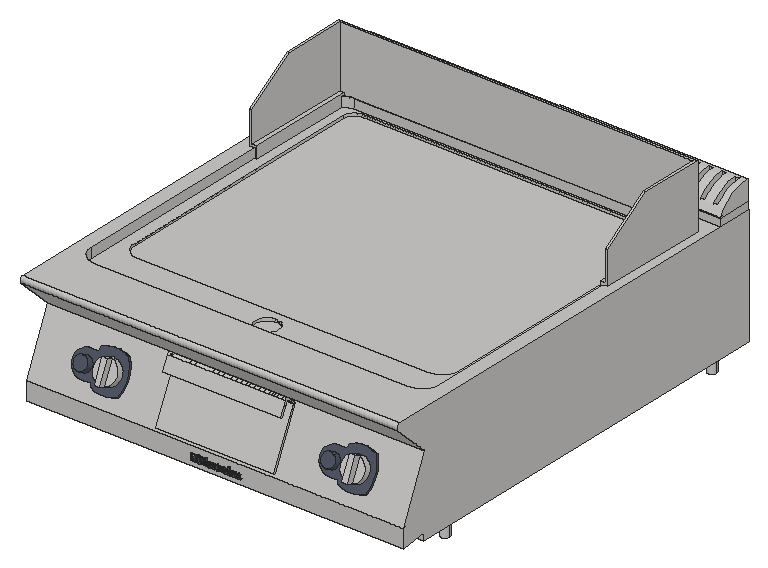
Revit family "QF_ELECTROLUXPROFESSIONAL_391403_E9IIMAAOMEA", category Specialty Equipment, Revit 2018
Family settings
  Round Connector Dimension = Use Diameter
  Part Type = Normal
  Work Plane-Based = No
  Always vertical = Yes
  Cut with Voids When Loaded = No
  Shared = No
  Room Calculation Point = No
Parameters
  Width = 800 mm  # constant formula
  Weight in Pounds = 105  # constant formula
  Watts = 0 W
  URL Cutsheet = "www.electrolux.com/foodservice"
  URL = "www.electrolux.com/foodservice"
  Type Mark [instance] = ""
  Status [instance] = ""
  Specification by User [instance] = ""
  Specification by Manufacturer = ""
  Show Logo [instance] = yes
  Show Clearance [instance] = yes
  Serial Number = ""
  Seismic Rating = ""
  SMACNA No = ""
  Revision Code [instance] = ""
  Omniclass Number and Title = ""
  NAFEM Spec ID Number = ""
  Model = "391051"
  Mechanical Remarks [instance] = ""
  Mechanical Connection Type [instance] = ""
  Masterspec = ""
  Manufacturer = "ELECTROLUX"
  Item Number [instance] = ""
  Installed By [instance] = ""
  Identify Quantity as Lot [instance] = yes
  Height = 410 mm  # constant formula
  HP = "0 HP"
  Gas Size = 1/2"
  Gas RI Height [instance] = 0 mm
  Gas KW [instance] = 20
  Gas Input [instance] = 68180.0 Btu/h
  Gas Connection Height = 0 mm
  Furnished By [instance] = ""
  Foodservice Equipment Identifier [instance] = yes
  Direct Waste Size = 0"
  Description = "900XP FULL MODULE GAS FRY TOP, 2/3 SMOOTH - 1/3 RIBBED SLOPED PLATE,MILD STEEL"
  Depth = 930 mm  # constant formula
  CSI MasterFormat = ""
  CSI Master Format = ""
  Base Height [instance] = 24 mm  # constant formula
Reference planes
  plane 1 "BACK": y = 0
  plane 2: z = 0
  plane 3 "LEFT": x = 0
  plane 4 "RIGHT": x = 800
  plane 5 "FRONT": y = -930
  plane 6 "TOP": z = 410
  plane 7 "Center Y": x = 400
  plane 8 "Center X": y = -465
  plane 9 "BASE": z = 24
  plane 10: y = -790
  plane 11: y = -82
  plane 12: x = 348
  plane 13: y = -1045
  plane 14: z = 275
  plane 15: y = -664
  plane 16: y = -346.873
Forms (mm)
  Extrusion 1, solid, material "QF_Clearances", visible <- "Show Clearance", detail levels coarse
    sketch origin (0, 0, 0) x (1, 0, 0) y (0, 1, 0)
      loop
        line (0, -930) -> (0, 0) -> (800.05, 0) -> (800.05, -930) -> (900.069, -930) -> (900.069, 100.019) -> (-100.019, 100.019) -> (-100.019, -930) -> (0, -930)
    from 0 to 410
  Extrusion 2, solid, material "QF_Finishes_Stainless Steel"
    sketch origin (0, 0, 0) x (0, 1, 0) y (0, 0, 1)
      loop
        line (0, 275) -> (-923.497, 275)
        arc (-923.497, 275) -> (-929.729, 270.836) -> (-928.267, 263.485) r 6.745
        line (-928.267, 263.485) -> (-856.416, 192.634) -> (-913.772, 70.59) -> (-913.772, 32.49) -> (-859.4, 38.1) -> (-859.4, 24) -> (0, 24) -> (0, 275)
    from 0 to 800
  Extrusion 3, void
    sketch origin (0, -202.381, 275.4) x (-1, 0, 0) y (0, -1, 0)
      loop
        arc (-55.4, -88.381) -> (-37.439, -80.942) -> (-30, -62.981) r 25.4
        line (-30, -62.981) -> (-30, 578.98)
        arc (-30, 578.98) -> (-40.99, 605.513) -> (-67.523, 616.504) r 37.523
        line (-67.523, 616.504) -> (-732.477, 616.504)
        arc (-732.477, 616.504) -> (-759.01, 605.513) -> (-770, 578.98) r 37.523
        line (-770, 578.98) -> (-770, -62.981)
        arc (-770, -62.981) -> (-762.561, -80.942) -> (-744.6, -88.381) r 25.4
        line (-744.6, -88.381) -> (-55.4, -88.381)
    from 0 to -20
  Extrusion 4, solid, material "QF_Finishes_Stainless Steel"
    sketch origin (0, -200, 0) x (1, 0, 0) y (0, 1, 0)
      loop
        circle (11.112, 118) r 9.525
      loop
        circle (11.112, -590) r 9.525
      loop
        circle (788.887, 118) r 9.525
      loop
        circle (788.888, -590) r 9.525
    from 0 to 24
  Extrusion 5, solid, material "QF_Finishes_Navy Blue - Electrolux", visible <- "Show Logo"
    sketch origin (0, -913.772, 32.49) x (0, 0, 1) y (-1, 0, 0)
      loop
        line (24.036, -359.438) -> (11.67, -359.438)
        arc (11.67, -359.438) -> (17.853, -364.009) -> (24.036, -359.438) r 6.467
      loop
        arc (24.036, -358.809) -> (22.867, -353.666) -> (18.212, -351.188) r 6.338
        line (18.212, -351.188) -> (18.212, -353.234)
        arc (18.212, -353.234) -> (19.695, -356.889) -> (23.141, -358.809) r 5.941
        line (23.141, -358.809) -> (24.036, -358.809)
      loop
        arc (12.565, -358.809) -> (16.011, -356.889) -> (17.495, -353.234) r 5.941
        line (17.495, -353.234) -> (17.495, -351.188)
        arc (17.495, -351.188) -> (12.8, -353.662) -> (11.511, -358.809) r 6.504
        line (11.511, -358.809) -> (12.565, -358.809)
      loop
        line (24.711, -350.719) -> (10.967, -350.719) -> (10.967, -364.482) -> (24.711, -364.482) -> (24.711, -350.719)
      loop
        arc (24.795, -367.449) -> (24.447, -367.092) -> (24.08, -367.43) r 0.358
        arc (24.08, -367.43) -> (23.766, -368.18) -> (23.049, -368.565) r 1.216
        line (23.049, -368.565) -> (12.637, -368.565)
        arc (12.637, -368.565) -> (11.977, -368.287) -> (11.581, -367.691) r 1.238
        arc (11.581, -367.691) -> (11.186, -367.44) -> (10.88, -367.794) r 0.358
        line (10.88, -367.794) -> (10.88, -377.673) -> (13.631, -377.673) -> (13.631, -376.776)
        arc (13.631, -376.776) -> (12.722, -376.196) -> (12.267, -375.219) r 1.928
        line (12.267, -375.219) -> (12.267, -372.719)
        arc (12.267, -372.719) -> (12.542, -371.991) -> (13.231, -371.627) r 1.101
        line (13.231, -371.627) -> (17.317, -371.627) -> (17.317, -375.3)
        arc (17.317, -375.3) -> (16.965, -375.797) -> (16.399, -376.025) r 1.083
        arc (16.399, -376.025) -> (16.136, -376.331) -> (16.428, -376.609) r 0.292
        line (16.428, -376.609) -> (19.39, -376.609)
        arc (19.39, -376.609) -> (19.693, -376.336) -> (19.454, -376.006) r 0.305
        arc (19.454, -376.006) -> (18.964, -375.758) -> (18.659, -375.3) r 1.083
        line (18.659, -375.3) -> (18.659, -371.627) -> (23.336, -371.627) -> (23.336, -375.374)
        arc (23.336, -375.374) -> (23.122, -376.13) -> (22.515, -376.628) r 1.314
        arc (22.515, -376.628) -> (22.296, -377.032) -> (22.651, -377.324) r 0.361
        line (22.651, -377.324) -> (24.795, -377.324) -> (24.795, -367.449)
      loop
        arc (24.078, -378.105) -> (23.697, -379.023) -> (22.779, -379.404) r 1.299
        line (22.779, -379.404) -> (13.2, -379.404)
        arc (13.2, -379.404) -> (12.362, -379.026) -> (12.09, -378.148) r 1.118
        line (12.09, -378.148) -> (10.88, -378.148) -> (10.88, -383.498) -> (12.069, -383.498)
        arc (12.069, -383.498) -> (12.34, -382.581) -> (13.21, -382.185) r 1.153
        line (13.21, -382.185) -> (25.283, -382.185) -> (24.078, -378.105)
      loop
        line (15.845, -386.134) -> (15.845, -392.581) -> (16.644, -392.581)
        arc (16.644, -392.581) -> (19.225, -391.597) -> (20.493, -389.143) r 3.874
        line (20.493, -389.143) -> (20.493, -387.383)
        arc (20.493, -387.383) -> (19.307, -384.518) -> (16.442, -383.332) r 4.051
        line (16.442, -383.332) -> (14.434, -383.332)
        arc (14.434, -383.332) -> (11.616, -384.816) -> (10.564, -387.824) r 4.352
        arc (10.564, -387.824) -> (10.928, -390.287) -> (12.306, -392.361) r 5.713
        line (12.306, -392.361) -> (13.255, -392.361)
        arc (13.255, -392.361) -> (12.522, -390.792) -> (12.306, -389.074) r 5.579
        arc (12.306, -389.074) -> (13.1, -387.111) -> (14.979, -386.134) r 3.057
        line (14.979, -386.134) -> (15.845, -386.134)
      loop
        line (17.104, -386.134) -> (17.104, -389.716)
        arc (17.104, -389.716) -> (18.561, -389.763) -> (19.444, -388.604) r 1.59
        line (19.444, -388.604) -> (19.444, -387.774)
        arc (19.444, -387.774) -> (18.58, -386.519) -> (17.104, -386.134) r 2.184
      loop
        arc (19.895, -401.999) -> (20.384, -400.325) -> (20.542, -398.588) r 9.023
        line (20.542, -398.588) -> (20.542, -397.225)
        arc (20.542, -397.225) -> (19.382, -394.426) -> (16.583, -393.266) r 3.959
        line (16.583, -393.266) -> (13.982, -393.266)
        arc (13.982, -393.266) -> (11.701, -394.559) -> (10.583, -396.932) r 4.331
        line (10.583, -396.932) -> (10.583, -399.067)
        arc (10.583, -399.067) -> (11.092, -400.617) -> (12.013, -401.963) r 5.772
        arc (12.013, -401.963) -> (12.775, -402.014) -> (12.861, -401.255) r 0.553
        arc (12.861, -401.255) -> (12.474, -400.521) -> (12.34, -399.702) r 2.573
        line (12.34, -399.702) -> (12.34, -398.187)
        arc (12.34, -398.187) -> (13.346, -396.545) -> (15.16, -395.903) r 2.884
        line (15.16, -395.903) -> (16.439, -395.903)
        arc (16.439, -395.903) -> (18.26, -396.463) -> (19.187, -398.128) r 2.554
        line (19.187, -398.128) -> (19.187, -399.181)
        arc (19.187, -399.181) -> (18.855, -400.109) -> (18.198, -400.844) r 2.564
        arc (18.198, -400.844) -> (17.977, -401.561) -> (18.586, -401.999) r 0.643
        line (18.586, -401.999) -> (19.895, -401.999)
      loop
        line (18.877, -402.269) -> (18.877, -403.77) -> (12.829, -403.77)
        arc (12.829, -403.77) -> (11.241, -404.428) -> (10.583, -406.016) r 2.246
        line (10.583, -406.016) -> (10.583, -407.6)
        arc (10.583, -407.6) -> (10.897, -408.464) -> (11.398, -409.236) r 4.06
        arc (11.398, -409.236) -> (12.13, -409.369) -> (12.382, -408.668) r 0.576
        arc (12.382, -408.668) -> (12.276, -408.142) -> (12.34, -407.61) r 1.69
        arc (12.34, -407.61) -> (12.881, -406.822) -> (13.788, -406.519) r 1.506
        line (13.788, -406.519) -> (18.926, -406.519) -> (18.926, -408.916) -> (19.482, -409.472) -> (20.304, -409.472) -> (20.304, -406.612) -> (23.535, -406.612) -> (18.877, -402.269)
      loop
        line (10.801, -410.37) -> (10.801, -415.757) -> (11.911, -415.757)
        arc (11.911, -415.757) -> (12.305, -414.806) -> (13.256, -414.412) r 1.345
        line (13.256, -414.412) -> (16.872, -414.412)
        arc (16.872, -414.412) -> (17.637, -415.003) -> (17.926, -415.926) r 1.615
        line (17.926, -415.926) -> (17.926, -417.482) -> (20.482, -418.167) -> (20.482, -416.784) -> (18.539, -414.225) -> (20.42, -414.225) -> (20.135, -411.519)
        arc (20.135, -411.519) -> (19.696, -410.989) -> (19.037, -411.19) r 0.621
        arc (19.037, -411.19) -> (18.636, -411.532) -> (18.142, -411.715) r 1.501
        line (18.142, -411.715) -> (13.256, -411.715)
        arc (13.256, -411.715) -> (12.305, -411.321) -> (11.911, -410.37) r 1.345
        line (11.911, -410.37) -> (10.801, -410.37)
      loop
        line (16.903, -417.704) -> (14.21, -417.704)
        arc (14.21, -417.704) -> (11.765, -419.012) -> (10.631, -421.542) r 4.288
        arc (10.631, -421.542) -> (10.568, -422.923) -> (10.631, -424.303) r 15.022
        arc (10.631, -424.303) -> (11.765, -426.833) -> (14.21, -428.141) r 4.288
        line (14.21, -428.141) -> (16.903, -428.141)
        arc (16.903, -428.141) -> (19.348, -426.833) -> (20.482, -424.303) r 4.288
        arc (20.482, -424.303) -> (20.546, -422.923) -> (20.482, -421.542) r 15.022
        arc (20.482, -421.542) -> (19.348, -419.012) -> (16.903, -417.704) r 4.288
      loop
        line (17.107, -420.818) -> (14.006, -420.818)
        arc (14.006, -420.818) -> (11.849, -422.975) -> (14.006, -425.132) r 2.157
        line (14.006, -425.132) -> (17.107, -425.132)
        arc (17.107, -425.132) -> (19.264, -422.975) -> (17.107, -420.818) r 2.157
      loop
        arc (24.088, -427.999) -> (23.718, -428.893) -> (22.824, -429.264) r 1.264
        line (22.824, -429.264) -> (12.959, -429.264)
        arc (12.959, -429.264) -> (12.089, -428.867) -> (11.818, -427.951) r 1.153
        line (11.818, -427.951) -> (10.88, -427.951) -> (10.88, -433.059) -> (11.809, -433.059)
        arc (11.809, -433.059) -> (12.168, -432.287) -> (12.959, -431.972) r 1.153
        line (12.959, -431.972) -> (25.283, -431.972) -> (24.088, -427.999)
      loop
        arc (19.208, -432.596) -> (19.009, -433.661) -> (18.04, -434.143) r 1.215
        line (18.04, -434.143) -> (13.02, -434.143)
        arc (13.02, -434.143) -> (11.406, -434.79) -> (10.685, -436.373) r 2.338
        line (10.685, -436.373) -> (10.685, -437.888)
        arc (10.685, -437.888) -> (10.859, -438.892) -> (11.362, -439.778) r 2.979
        line (11.362, -439.778) -> (10.88, -441.574) -> (10.88, -443.263) -> (20.306, -443.263) -> (20.012, -439.06) -> (19.225, -439.06)
        arc (19.225, -439.06) -> (18.87, -439.896) -> (18.117, -440.405) r 1.605
        line (18.117, -440.405) -> (13.015, -440.405)
        arc (13.015, -440.405) -> (12.594, -439.468) -> (12.522, -438.444) r 2.94
        arc (12.522, -438.444) -> (13.082, -437.343) -> (14.236, -436.9) r 1.724
        line (14.236, -436.9) -> (20.432, -436.9) -> (19.208, -432.596)
      loop
        line (20.237, -444.117) -> (18.564, -446.163) -> (15.391, -448.469) -> (11.934, -445.357)
        arc (11.934, -445.357) -> (11.697, -444.963) -> (11.719, -444.504) r 0.789
        line (11.719, -444.504) -> (10.88, -444.504) -> (10.88, -448.049) -> (11.707, -448.049)
        arc (11.707, -448.049) -> (12.049, -447.687) -> (12.539, -447.779) r 0.52
        line (12.539, -447.779) -> (14.339, -449.25) -> (12.22, -450.625)
        arc (12.22, -450.625) -> (11.819, -450.315) -> (11.733, -449.816) r 0.7
        line (11.733, -449.816) -> (10.88, -449.816) -> (10.88, -455.743) -> (11.767, -455.743)
        arc (11.767, -455.743) -> (11.834, -455.084) -> (12.229, -454.552) r 1.247
        line (12.229, -454.552) -> (16.428, -451.271) -> (18.876, -453.325) -> (20.237, -455.067) -> (20.237, -451.343) -> (18.752, -451.766) -> (17.23, -450.489) -> (18.93, -449.299) -> (20.237, -450.075) -> (20.237, -444.117)
    from 0 to 1.644
  Extrusion 6, solid, material "QF_Finishes_Stainless Steel"
    sketch origin (400, 175.397, 1219.2) x (0, 1, 0) y (0, 0, 1)
      loop
        line (-1034.547, -1030.322) -> (-1050.635, -1014.234)
        arc (-1050.635, -1014.234) -> (-1055.102, -1012.832) -> (-1058.806, -1015.696) r 5.058
        line (-1058.806, -1015.696) -> (-1071.468, -1043.206) -> (-1068.584, -1044.534) -> (-1055.922, -1017.024)
        arc (-1055.922, -1017.024) -> (-1054.543, -1015.957) -> (-1052.88, -1016.479) r 1.883
        line (-1052.88, -1016.479) -> (-1038.037, -1031.322) -> (-1088.871, -1141.767) -> (-1086.511, -1142.854) -> (-1034.547, -1030.322)
    from -125 to 125
  Extrusion 7, solid, material "QF_Door-Drawer Clearances", visible <- "Show Clearance", detail levels coarse
    sketch origin (0, -301.6, 0) x (0, 1, 0) y (0, 0, 1)
      loop
        line (-576.323, 206.368) -> (-709.631, 206.368)
        arc (-709.631, 206.368) -> (-711.835, 205.39) -> (-713.335, 203.504) r 5.058
        line (-713.335, 203.504) -> (-725.997, 175.994) -> (-723.113, 174.666) -> (-710.451, 202.176)
        arc (-710.451, 202.176) -> (-709.072, 203.243) -> (-707.409, 202.721) r 1.883
        line (-707.409, 202.721) -> (-692.566, 187.878) -> (-743.4, 77.433) -> (-740.516, 76.105) -> (-609.625, 76.105) -> (-557.55, 188.878) -> (-573.638, 204.966)
        arc (-573.638, 204.966) -> (-574.873, 205.873) -> (-576.323, 206.368) r 5.058
    from 275 to 525
  Extrusion 8, solid, material "QF_Finishes_Stainless Steel"
    sketch origin (0, 0, 24) x (-1, 0, 0) y (0, 1, 0)
      loop
        circle (-748, -664) r 6.4
    from 0 to 18
  Extrusion 9, solid, material "QF_Finishes_Stainless Steel"
    sketch origin (0, 0, 0) x (0, -1, 0) y (0, 0, 1)
      loop
        line (74.012, 275) -> (74.012, 290) -> (0, 290) -> (0, 275) -> (74.012, 275)
    from 0 to -400.05
  Extrusion 10, solid, material "QF_Finishes_Stainless Steel"
    sketch origin (0, 0, 0) x (0, 1, 0) y (0, 0, 1)
      loop
        line (0, 290) -> (0, 332.913)
        arc (0, 332.913) -> (-42.275, 322.697) -> (-74.012, 292.959) r 85.267
        line (-74.012, 292.959) -> (-74.012, 290) -> (0, 290)
    from 0 to 400
  Extrusion 11, void
    sketch origin (0, 0, 273.238) x (-1, 0, 0) y (0, -1, 0)
      loop
        line (-13.453, 6.761) -> (-13.453, 62.911) -> (-22.749, 62.911) -> (-22.749, 6.761) -> (-13.453, 6.761)
    from 25.4 to 63.5
  Extrusion 12, void
    sketch origin (400.05, 0, 273.238) x (1, 0, 0) y (0, 1, 0)
      loop
        line (-13.503, -6.761) -> (-22.799, -6.761) -> (-22.799, -62.911) -> (-13.503, -62.911) -> (-13.503, -6.761)
    from 25.4 to 63.5
  Extrusion 13, void
    sketch origin (27.988, 0, 273.238) x (-1, 0, 0) y (0, -1, 0)
      loop
        line (-13.453, 6.761) -> (-13.453, 62.911) -> (-22.749, 62.911) -> (-22.749, 6.761) -> (-13.453, 6.761)
    from 25.4 to 63.5
  Extrusion 14, void
    sketch origin (55.977, 0, 273.238) x (-1, 0, 0) y (0, -1, 0)
      loop
        line (-13.453, 6.761) -> (-13.453, 62.911) -> (-22.749, 62.911) -> (-22.749, 6.761) -> (-13.453, 6.761)
    from 25.4 to 63.5
  Extrusion 15, void
    sketch origin (83.965, 0, 273.238) x (-1, 0, 0) y (0, -1, 0)
      loop
        line (-13.428, 6.761) -> (-13.428, 62.911) -> (-22.724, 62.911) -> (-22.724, 6.761) -> (-13.428, 6.761)
    from 25.4 to 63.5
  Extrusion 16, void
    sketch origin (111.953, 0, 273.238) x (-1, 0, 0) y (0, -1, 0)
      loop
        line (-13.428, 6.761) -> (-13.428, 62.911) -> (-22.724, 62.911) -> (-22.724, 6.761) -> (-13.428, 6.761)
    from 25.4 to 63.5
  Extrusion 17, void
    sketch origin (139.942, 0, 273.238) x (-1, 0, 0) y (0, -1, 0)
      loop
        line (-13.428, 6.761) -> (-13.428, 62.911) -> (-22.724, 62.911) -> (-22.724, 6.761) -> (-13.428, 6.761)
    from 25.4 to 63.5
  Extrusion 18, void
    sketch origin (167.93, 0, 273.238) x (-1, 0, 0) y (0, -1, 0)
      loop
        line (-13.428, 6.761) -> (-13.428, 62.911) -> (-22.724, 62.911) -> (-22.724, 6.761) -> (-13.428, 6.761)
    from 25.4 to 63.5
  Extrusion 19, void
    sketch origin (307.872, 0, 273.238) x (-1, 0, 0) y (0, -1, 0)
      loop
        line (-13.403, 6.761) -> (-13.403, 62.911) -> (-22.699, 62.911) -> (-22.699, 6.761) -> (-13.403, 6.761)
    from 25.4 to 63.5
  Extrusion 20, void
    sketch origin (335.86, 0, 273.238) x (-1, 0, 0) y (0, -1, 0)
      loop
        line (-13.403, 6.761) -> (-13.403, 62.911) -> (-22.699, 62.911) -> (-22.699, 6.761) -> (-13.403, 6.761)
    from 25.4 to 63.5
  Extrusion 21, void
    sketch origin (228.013, 0, 273.238) x (-1, 0, 0) y (0, -1, 0)
      loop
        line (-13.428, 6.761) -> (-13.428, 62.911) -> (-22.724, 62.911) -> (-22.724, 6.761) -> (-13.428, 6.761)
    from 25.4 to 63.5
  Extrusion 22, void
    sketch origin (256.002, 0, 273.238) x (-1, 0, 0) y (0, -1, 0)
      loop
        line (-13.428, 6.761) -> (-13.428, 62.911) -> (-22.724, 62.911) -> (-22.724, 6.761) -> (-13.428, 6.761)
    from 25.4 to 63.5
  Extrusion 23, void
    sketch origin (283.99, 0, 273.238) x (-1, 0, 0) y (0, -1, 0)
      loop
        line (-13.403, 6.761) -> (-13.403, 62.911) -> (-22.699, 62.911) -> (-22.699, 6.761) -> (-13.403, 6.761)
    from 25.4 to 63.5
  Extrusion 24, void
    sketch origin (200.025, 0, 273.238) x (-1, 0, 0) y (0, -1, 0)
      loop
        line (-13.428, 6.761) -> (-13.428, 62.911) -> (-22.724, 62.911) -> (-22.724, 6.761) -> (-13.428, 6.761)
    from 25.4 to 63.5
  Extrusion 25, void
    sketch origin (0, -202.381, 255.4) x (0, -1, 0) y (-1, 0, 0)
      loop
        arc (-57.619, -55) -> (-75.579, -62.439) -> (-83.019, -80.4) r 25.4
        line (-83.019, -80.4) -> (-83.019, -719.6)
        arc (-83.019, -719.6) -> (-75.579, -737.561) -> (-57.619, -745) r 25.4
        line (-57.619, -745) -> (493.98, -745)
        arc (493.98, -745) -> (520.513, -734.01) -> (531.504, -707.477) r 37.523
        line (531.504, -707.477) -> (531.504, -92.523)
        arc (531.504, -92.523) -> (520.513, -65.99) -> (493.98, -55) r 37.523
        line (493.98, -55) -> (-57.619, -55)
      loop
        circle (572.619, -400) r 25
    from 0 to 5
  Extrusion 26, void
    sketch origin (785, 0, 275) x (0, 0, -1) y (0, -1, 0)
      loop
        line (-70, 346.873) -> (-135, 346.873) -> (-135, 246.781) -> (-70, 346.873)
    from 0 to 12.7
  Extrusion 27, void
    sketch origin (25, 0, 292.959) x (0, 0, -1) y (0, -1, 0)
      loop
        line (-52.041, 346.873) -> (-117.041, 346.873) -> (-117.041, 246.781) -> (-52.041, 346.873)
    from 0 to 12.7
  Extrusion 28, solid, material "QF_Finishes_Stainless Steel"
    sketch origin (0, -110, 275) x (0, 0, -1) y (-1, 0, 0)
      loop
        line (-135, -20) -> (-135, -780) -> (0, -780) -> (0, -20) -> (-135, -20)
    from 0 to -5
  Extrusion 29, solid, material "QF_Finishes_Stainless Steel"
    sketch origin (800, 0, 0) x (0, -1, 0) y (0, 0, -1)
      loop
        line (74.012, -275) -> (0, -275) -> (0, -290) -> (74.012, -290) -> (74.012, -275)
    from 0 to -400.05
  Extrusion 30, solid, material "QF_Finishes_Stainless Steel"
    sketch origin (800, 0, 0) x (0, 1, 0) y (0, 0, -1)
      loop
        line (0, -290) -> (-74.012, -290) -> (-74.012, -292.959)
        arc (-74.012, -292.959) -> (-42.486, -323.301) -> (0, -333.762) r 84.334
        line (0, -333.762) -> (0, -290)
    from 0 to 400
  Extrusion 31, void
    sketch origin (800, 0, 273.238) x (1, 0, 0) y (0, 1, 0)
      loop
        line (-13.453, -6.761) -> (-22.749, -6.761) -> (-22.749, -62.911) -> (-13.453, -62.911) -> (-13.453, -6.761)
    from 25.4 to 63.5
  Extrusion 32, void
    sketch origin (399.95, 0, 273.238) x (-1, 0, 0) y (0, -1, 0)
      loop
        line (-13.503, 6.761) -> (-13.503, 62.911) -> (-22.799, 62.911) -> (-22.799, 6.761) -> (-13.503, 6.761)
    from 25.4 to 63.5
  Extrusion 33, void
    sketch origin (772.012, 0, 273.238) x (1, 0, 0) y (0, 1, 0)
      loop
        line (-13.453, -6.761) -> (-22.749, -6.761) -> (-22.749, -62.911) -> (-13.453, -62.911) -> (-13.453, -6.761)
    from 25.4 to 63.5
  Extrusion 34, void
    sketch origin (744.023, 0, 273.238) x (1, 0, 0) y (0, 1, 0)
      loop
        line (-13.453, -6.761) -> (-22.749, -6.761) -> (-22.749, -62.911) -> (-13.453, -62.911) -> (-13.453, -6.761)
    from 25.4 to 63.5
  Extrusion 35, void
    sketch origin (716.035, 0, 273.238) x (1, 0, 0) y (0, 1, 0)
      loop
        line (-13.428, -6.761) -> (-22.724, -6.761) -> (-22.724, -62.911) -> (-13.428, -62.911) -> (-13.428, -6.761)
    from 25.4 to 63.5
  Extrusion 36, void
    sketch origin (688.047, 0, 273.238) x (1, 0, 0) y (0, 1, 0)
      loop
        line (-13.428, -6.761) -> (-22.724, -6.761) -> (-22.724, -62.911) -> (-13.428, -62.911) -> (-13.428, -6.761)
    from 25.4 to 63.5
  Extrusion 37, void
    sketch origin (660.058, 0, 273.238) x (1, 0, 0) y (0, 1, 0)
      loop
        line (-13.428, -6.761) -> (-22.724, -6.761) -> (-22.724, -62.911) -> (-13.428, -62.911) -> (-13.428, -6.761)
    from 25.4 to 63.5
  Extrusion 38, void
    sketch origin (632.07, 0, 273.238) x (1, 0, 0) y (0, 1, 0)
      loop
        line (-13.428, -6.761) -> (-22.724, -6.761) -> (-22.724, -62.911) -> (-13.428, -62.911) -> (-13.428, -6.761)
    from 25.4 to 63.5
  Extrusion 39, void
    sketch origin (492.128, 0, 273.238) x (1, 0, 0) y (0, 1, 0)
      loop
        line (-13.403, -6.761) -> (-22.699, -6.761) -> (-22.699, -62.911) -> (-13.403, -62.911) -> (-13.403, -6.761)
    from 25.4 to 63.5
  Extrusion 40, void
    sketch origin (464.14, 0, 273.238) x (1, 0, 0) y (0, 1, 0)
      loop
        line (-13.403, -6.761) -> (-22.699, -6.761) -> (-22.699, -62.911) -> (-13.403, -62.911) -> (-13.403, -6.761)
    from 25.4 to 63.5
  Extrusion 41, void
    sketch origin (571.987, 0, 273.238) x (1, 0, 0) y (0, 1, 0)
      loop
        line (-13.428, -6.761) -> (-22.724, -6.761) -> (-22.724, -62.911) -> (-13.428, -62.911) -> (-13.428, -6.761)
    from 25.4 to 63.5
  Extrusion 42, void
    sketch origin (543.998, 0, 273.238) x (1, 0, 0) y (0, 1, 0)
      loop
        line (-13.428, -6.761) -> (-22.724, -6.761) -> (-22.724, -62.911) -> (-13.428, -62.911) -> (-13.428, -6.761)
    from 25.4 to 63.5
  Extrusion 43, void
    sketch origin (516.01, 0, 273.238) x (1, 0, 0) y (0, 1, 0)
      loop
        line (-13.403, -6.761) -> (-22.699, -6.761) -> (-22.699, -62.911) -> (-13.403, -62.911) -> (-13.403, -6.761)
    from 25.4 to 63.5
  Extrusion 44, void
    sketch origin (599.975, 0, 273.238) x (1, 0, 0) y (0, 1, 0)
      loop
        line (-13.428, -6.761) -> (-22.724, -6.761) -> (-22.724, -62.911) -> (-13.428, -62.911) -> (-13.428, -6.761)
    from 25.4 to 63.5
  Extrusion 45, solid, material "QF_Finishes_Navy Blue - Electrolux"
    sketch origin (520.456, -913.772, 69.19) x (0, 0.419232, 0.907879) y (-1, 0, 0)
      loop
        arc (102.26, -132.62) -> (97.637, -130.762) -> (92.92, -129.161) r 90.355
        arc (92.92, -129.161) -> (93.04, -117.639) -> (92.027, -106.161) r 117.12
        arc (92.027, -106.161) -> (66.337, -82.611) -> (38.409, -103.459) r 27.322
        arc (38.409, -103.459) -> (36.611, -116.6) -> (37.509, -129.833) r 65.199
        arc (37.509, -129.833) -> (34.4, -130.94) -> (31.333, -132.16) r 90.355
        arc (31.333, -132.16) -> (24.504, -161.269) -> (31.333, -190.378) r 65.456
        arc (31.333, -190.378) -> (66.877, -199.452) -> (102.26, -189.765) r 71.728
        arc (102.26, -189.765) -> (108.852, -161.193) -> (102.26, -132.62) r 65.22
      loop
        arc (102.26, 392.38) -> (97.637, 394.238) -> (92.92, 395.839) r 90.355
        arc (92.92, 395.839) -> (93.04, 407.361) -> (92.027, 418.839) r 117.12
        arc (92.027, 418.839) -> (66.337, 442.389) -> (38.409, 421.541) r 27.322
        arc (38.409, 421.541) -> (36.611, 408.4) -> (37.509, 395.167) r 65.199
        arc (37.509, 395.167) -> (34.4, 394.06) -> (31.333, 392.84) r 90.355
        arc (31.333, 392.84) -> (24.504, 363.731) -> (31.333, 334.622) r 65.456
        arc (31.333, 334.622) -> (66.877, 325.548) -> (102.26, 335.235) r 71.728
        arc (102.26, 335.235) -> (108.852, 363.807) -> (102.26, 392.38) r 65.22
    from 0 to 3.175
  Extrusion 46, solid, material "QF_Finishes_Stainless Steel"
    sketch origin (520.456, -917.486, 68.721) x (0, 0.419232, 0.907879) y (-1, 0, 0)
      loop
        circle (68.826, -160.963) r 25.4
      loop
        circle (68.826, 364.037) r 25.4
    from 0 to 12.7
  Extrusion 47, solid, material "QF_Finishes_Stainless Steel"
    sketch origin (520.456, -929.016, 74.045) x (0, 0.419232, 0.907879) y (-1, 0, 0)
      loop
        arc (93.558, -166.749) -> (94.226, -160.963) -> (93.558, -155.177) r 25.4
        line (93.558, -155.177) -> (44.094, -155.177)
        arc (44.094, -155.177) -> (43.426, -160.963) -> (44.094, -166.749) r 25.4
        line (44.094, -166.749) -> (93.558, -166.749)
      loop
        arc (93.558, 358.251) -> (94.226, 364.037) -> (93.558, 369.823) r 25.4
        line (93.558, 369.823) -> (44.094, 369.823)
        arc (44.094, 369.823) -> (43.426, 364.037) -> (44.094, 358.251) r 25.4
        line (44.094, 358.251) -> (93.558, 358.251)
    from 0 to 12.7
  Extrusion 48, solid, material "QF_Finishes_Navy Blue - Electrolux"
    sketch origin (520.456, -916.655, 70.521) x (0, 0.419232, 0.907879) y (-1, 0, 0)
      loop
        circle (65.09, -109.237) r 15
      loop
        circle (65.09, 415.763) r 15
    from 0 to 12.7
  Extrusion 49, solid, material "QF_Finishes_Stainless Steel"
    sketch origin (0, 0, 275) x (0, 0, -1) y (-1, 0, 0)
      loop
        line (19.6, -30) -> (0, -30) -> (0, -20) -> (-135, -20) -> (-135, -25) -> (-5, -25) -> (-5, -35) -> (19.6, -35) -> (19.6, -30)
      loop
        line (19.6, -770) -> (19.6, -765) -> (-5, -765) -> (-5, -775) -> (-135, -775) -> (-135, -780) -> (0, -780) -> (0, -770) -> (19.6, -770)
    from -110 to -346.873
Cuts and joins
  Extrusion 3, Extrusion 25 cuts Extrusion 2
  Extrusion 3 cuts Extrusion 28
  Extrusion 26, Extrusion 27 cuts Extrusion 49
  joined: Extrusion 2, Extrusion 28, Extrusion 49
  Extrusion 11, Extrusion 12, Extrusion 13, Extrusion 14, Extrusion 15, Extrusion 16, Extrusion 17, Extrusion 18, Extrusion 19, Extrusion 20, Extrusion 21, Extrusion 22, Extrusion 23, Extrusion 24, Extrusion 31, Extrusion 32, Extrusion 33, Extrusion 34, Extrusion 35, Extrusion 36, Extrusion 37, Extrusion 38, Extrusion 39, Extrusion 40, Extrusion 41, Extrusion 42, Extrusion 43, Extrusion 44 cuts Extrusion 10
  Extrusion 31, Extrusion 32, Extrusion 33, Extrusion 34, Extrusion 35, Extrusion 36, Extrusion 37, Extrusion 38, Extrusion 39, Extrusion 40, Extrusion 41, Extrusion 42, Extrusion 43, Extrusion 44 cuts Extrusion 30
Lines and regions (mm)
  Split face 1
    outline origin (520.456, -928.185, 75.846) x (0, 0.419232, 0.907879) y (-1, 0, 0)
      loop
        line (78.679, -108.296) -> (67.103, -108.296) -> (67.103, -110.296) -> (78.679, -110.296) -> (78.679, -108.296)
  Split face 2
    outline origin (520.456, -928.185, 75.846) x (0, 0.419232, 0.907879) y (-1, 0, 0)
      loop
        line (78.679, 414.704) -> (78.679, 416.704) -> (67.103, 416.704) -> (67.103, 414.704) -> (78.679, 414.704)
  symbolic lines, style "QF_Clearances", visible <- "Show Clearance", detail levels coarse
    curve 1: line (-100.019, 100.019, 276.225) -> (-100.019, -930, 276.225)
    curve 2: line (900.069, 100.019, 276.225) -> (-100.019, 100.019, 276.225)
    curve 3: line (900.069, -930, 276.225) -> (900.069, 100.019, 276.225)
  symbolic lines
    curve 4: line (0, -74.012, 276.225) -> (800.05, -74.012, 276.225)
    curve 5: line (0, -930.25, 276.225) -> (0, 0, 276.225)
    curve 6: line (800.05, 0, 276.225) -> (800.05, -930.25, 276.225)
    curve 7: line (30, -346.873, 276.225) -> (30, -781.362, 276.225)
    curve 8: arc (30, -781.362, 276.225) -> (40.99, -807.895, 276.225) -> (67.523, -818.885, 276.225) r 37.523
    curve 9: arc (732.477, -818.885, 276.225) -> (759.01, -807.895, 276.225) -> (770, -781.362, 276.225) r 37.523
    curve 10: line (770, -781.362, 276.225) -> (770, -346.873, 276.225)
    curve 11: line (800.05, -930.25, 276.225) -> (0, -930.25, 276.225)
    curve 12: line (67.523, -818.885, 276.225) -> (732.477, -818.885, 276.225)
    curve 16: line (0, 0, 276.225) -> (800.05, 0, 276.225)
    curve 17: line (22.749, -6.761, 276.225) -> (22.749, -62.911, 276.225)
    curve 18: line (22.749, -62.911, 276.225) -> (13.453, -62.911, 276.225)
    curve 19: line (13.453, -62.911, 276.225) -> (13.453, -6.761, 276.225)
    curve 20: line (13.453, -6.761, 276.225) -> (22.749, -6.761, 276.225)
    curve 21: line (50.737, -6.761, 276.225) -> (50.737, -62.911, 276.225)
    curve 22: line (50.737, -62.911, 276.225) -> (41.441, -62.911, 276.225)
    curve 23: line (41.441, -62.911, 276.225) -> (41.441, -6.761, 276.225)
    curve 24: line (41.441, -6.761, 276.225) -> (50.737, -6.761, 276.225)
    curve 25: line (78.725, -6.761, 276.225) -> (78.725, -62.911, 276.225)
    curve 26: line (78.725, -62.911, 276.225) -> (69.43, -62.911, 276.225)
    curve 27: line (69.43, -62.911, 276.225) -> (69.43, -6.761, 276.225)
    curve 28: line (69.43, -6.761, 276.225) -> (78.725, -6.761, 276.225)
    curve 29: line (106.689, -6.761, 276.225) -> (106.689, -62.911, 276.225)
    curve 30: line (106.689, -62.911, 276.225) -> (97.393, -62.911, 276.225)
    curve 31: line (97.393, -62.911, 276.225) -> (97.393, -6.761, 276.225)
    curve 32: line (97.393, -6.761, 276.225) -> (106.689, -6.761, 276.225)
    curve 33: line (134.677, -6.761, 276.225) -> (134.677, -62.911, 276.225)
    curve 34: line (134.677, -62.911, 276.225) -> (125.381, -62.911, 276.225)
    curve 35: line (125.381, -62.911, 276.225) -> (125.381, -6.761, 276.225)
    curve 36: line (125.381, -6.761, 276.225) -> (134.677, -6.761, 276.225)
    curve 37: line (162.665, -6.761, 276.225) -> (162.665, -62.911, 276.225)
    curve 38: line (162.665, -62.911, 276.225) -> (153.37, -62.911, 276.225)
    curve 39: line (153.37, -62.911, 276.225) -> (153.37, -6.761, 276.225)
    curve 40: line (153.37, -6.761, 276.225) -> (162.665, -6.761, 276.225)
    curve 41: line (190.654, -6.761, 276.225) -> (190.654, -62.911, 276.225)
    curve 42: line (190.654, -62.911, 276.225) -> (181.358, -62.911, 276.225)
    curve 43: line (181.358, -62.911, 276.225) -> (181.358, -6.761, 276.225)
    curve 44: line (181.358, -6.761, 276.225) -> (190.654, -6.761, 276.225)
    curve 45: line (222.749, -6.761, 276.225) -> (222.749, -62.911, 276.225)
    curve 46: line (222.749, -62.911, 276.225) -> (213.453, -62.911, 276.225)
    curve 47: line (213.453, -62.911, 276.225) -> (213.453, -6.761, 276.225)
    curve 48: line (213.453, -6.761, 276.225) -> (222.749, -6.761, 276.225)
    curve 49: line (250.737, -6.761, 276.225) -> (250.737, -62.911, 276.225)
    curve 50: line (250.737, -62.911, 276.225) -> (241.441, -62.911, 276.225)
    curve 51: line (241.441, -62.911, 276.225) -> (241.441, -6.761, 276.225)
    curve 52: line (241.441, -6.761, 276.225) -> (250.737, -6.761, 276.225)
    curve 53: line (278.725, -6.761, 276.225) -> (278.725, -62.911, 276.225)
    curve 54: line (278.725, -62.911, 276.225) -> (269.43, -62.911, 276.225)
    curve 55: line (269.43, -62.911, 276.225) -> (269.43, -6.761, 276.225)
    curve 56: line (269.43, -6.761, 276.225) -> (278.725, -6.761, 276.225)
    curve 57: line (306.689, -6.761, 276.225) -> (306.689, -62.911, 276.225)
    curve 58: line (306.689, -62.911, 276.225) -> (297.393, -62.911, 276.225)
    curve 59: line (297.393, -62.911, 276.225) -> (297.393, -6.761, 276.225)
    curve 60: line (297.393, -6.761, 276.225) -> (306.689, -6.761, 276.225)
    curve 61: line (330.57, -6.761, 276.225) -> (330.57, -62.911, 276.225)
    curve 62: line (330.57, -62.911, 276.225) -> (321.275, -62.911, 276.225)
    curve 63: line (321.275, -62.911, 276.225) -> (321.275, -6.761, 276.225)
    curve 64: line (321.275, -6.761, 276.225) -> (330.57, -6.761, 276.225)
    curve 65: line (358.559, -6.761, 276.225) -> (358.559, -62.911, 276.225)
    curve 66: line (358.559, -62.911, 276.225) -> (349.263, -62.911, 276.225)
    curve 67: line (349.263, -62.911, 276.225) -> (349.263, -6.761, 276.225)
    curve 68: line (349.263, -6.761, 276.225) -> (358.559, -6.761, 276.225)
    curve 69: line (386.547, -6.761, 276.225) -> (386.547, -62.911, 276.225)
    curve 70: line (386.547, -62.911, 276.225) -> (377.251, -62.911, 276.225)
    curve 71: line (377.251, -62.911, 276.225) -> (377.251, -6.761, 276.225)
    curve 72: line (377.251, -6.761, 276.225) -> (386.547, -6.761, 276.225)
    curve 73: line (20, -109, 276.225) -> (20, -346.873, 276.225)
    curve 74: line (785, -109, 276.225) -> (20, -109, 276.225)
    curve 75: line (785, -346.873, 276.225) -> (785, -109, 276.225)
    curve 76: line (20, -346.873, 276.225) -> (35, -346.873, 276.225)
    curve 77: line (765, -346.873, 276.225) -> (785, -346.873, 276.225)
    curve 78: arc (55, -144.762, 276.225) -> (62.439, -126.802, 276.225) -> (80.4, -119.362, 276.225) r 25.4
    curve 79: line (80.4, -119.362, 276.225) -> (719.6, -119.362, 276.225)
    curve 80: arc (719.6, -119.362, 276.225) -> (737.561, -126.802, 276.225) -> (745, -144.762, 276.225) r 25.4
    curve 81: line (745, -144.762, 276.225) -> (745, -695.362, 276.225)
    curve 82: arc (745, -695.362, 276.225) -> (734.01, -721.895, 276.225) -> (707.477, -732.885, 276.225) r 37.523
    curve 83: line (707.477, -732.885, 276.225) -> (92.523, -732.885, 276.225)
    curve 84: arc (92.523, -732.885, 276.225) -> (65.99, -721.895, 276.225) -> (55, -695.362, 276.225) r 37.523
    curve 85: line (55, -695.362, 276.225) -> (55, -144.762, 276.225)
    curve 86: line (765, -346.873, 276.225) -> (765, -114, 276.225)
    curve 87: line (780, -114, 276.225) -> (780, -346.873, 276.225)
    curve 88: line (35, -346.873, 276.225) -> (35, -114, 276.225)
    curve 89: line (25, -346.873, 276.225) -> (25, -114, 276.225)
    curve 90: line (35, -114, 276.225) -> (780, -114, 276.225)
    curve 91: arc (765, -124.267, 276.225) -> (756.019, -116.712, 276.225) -> (744.6, -114, 276.225) r 25.4
    curve 92: arc (55.4, -114, 276.225) -> (43.981, -116.712, 276.225) -> (35, -124.267, 276.225) r 25.4
    curve 93: line (777.251, -6.761, 276.225) -> (777.251, -62.911, 276.225)
    curve 94: line (777.251, -62.911, 276.225) -> (786.547, -62.911, 276.225)
    curve 95: line (786.547, -62.911, 276.225) -> (786.547, -6.761, 276.225)
    curve 96: line (786.547, -6.761, 276.225) -> (777.251, -6.761, 276.225)
    curve 97: line (749.263, -6.761, 276.225) -> (749.263, -62.911, 276.225)
    curve 98: line (749.263, -62.911, 276.225) -> (758.559, -62.911, 276.225)
    curve 99: line (758.559, -62.911, 276.225) -> (758.559, -6.761, 276.225)
    curve 100: line (758.559, -6.761, 276.225) -> (749.263, -6.761, 276.225)
    curve 101: line (721.275, -6.761, 276.225) -> (721.275, -62.911, 276.225)
    curve 102: line (721.275, -62.911, 276.225) -> (730.57, -62.911, 276.225)
    curve 103: line (730.57, -62.911, 276.225) -> (730.57, -6.761, 276.225)
    curve 104: line (730.57, -6.761, 276.225) -> (721.275, -6.761, 276.225)
    curve 105: line (693.311, -6.761, 276.225) -> (693.311, -62.911, 276.225)
    curve 106: line (693.311, -62.911, 276.225) -> (702.607, -62.911, 276.225)
    curve 107: line (702.607, -62.911, 276.225) -> (702.607, -6.761, 276.225)
    curve 108: line (702.607, -6.761, 276.225) -> (693.311, -6.761, 276.225)
    curve 109: line (665.323, -6.761, 276.225) -> (665.323, -62.911, 276.225)
    curve 110: line (665.323, -62.911, 276.225) -> (674.619, -62.911, 276.225)
    curve 111: line (674.619, -62.911, 276.225) -> (674.619, -6.761, 276.225)
    curve 112: line (674.619, -6.761, 276.225) -> (665.323, -6.761, 276.225)
    curve 113: line (637.335, -6.761, 276.225) -> (637.335, -62.911, 276.225)
    curve 114: line (637.335, -62.911, 276.225) -> (646.63, -62.911, 276.225)
    curve 115: line (646.63, -62.911, 276.225) -> (646.63, -6.761, 276.225)
    curve 116: line (646.63, -6.761, 276.225) -> (637.335, -6.761, 276.225)
    curve 117: line (609.346, -6.761, 276.225) -> (609.346, -62.911, 276.225)
    curve 118: line (609.346, -62.911, 276.225) -> (618.642, -62.911, 276.225)
    curve 119: line (618.642, -62.911, 276.225) -> (618.642, -6.761, 276.225)
    curve 120: line (618.642, -6.761, 276.225) -> (609.346, -6.761, 276.225)
    curve 121: line (577.251, -6.761, 276.225) -> (577.251, -62.911, 276.225)
    curve 122: line (577.251, -62.911, 276.225) -> (586.547, -62.911, 276.225)
    curve 123: line (586.547, -62.911, 276.225) -> (586.547, -6.761, 276.225)
    curve 124: line (586.547, -6.761, 276.225) -> (577.251, -6.761, 276.225)
    curve 125: line (549.263, -6.761, 276.225) -> (549.263, -62.911, 276.225)
    curve 126: line (549.263, -62.911, 276.225) -> (558.559, -62.911, 276.225)
    curve 127: line (558.559, -62.911, 276.225) -> (558.559, -6.761, 276.225)
    curve 128: line (558.559, -6.761, 276.225) -> (549.263, -6.761, 276.225)
    curve 129: line (521.275, -6.761, 276.225) -> (521.275, -62.911, 276.225)
    curve 130: line (521.275, -62.911, 276.225) -> (530.57, -62.911, 276.225)
    curve 131: line (530.57, -62.911, 276.225) -> (530.57, -6.761, 276.225)
    curve 132: line (530.57, -6.761, 276.225) -> (521.275, -6.761, 276.225)
    curve 133: line (493.311, -6.761, 276.225) -> (493.311, -62.911, 276.225)
    curve 134: line (493.311, -62.911, 276.225) -> (502.607, -62.911, 276.225)
    curve 135: line (502.607, -62.911, 276.225) -> (502.607, -6.761, 276.225)
    curve 136: line (502.607, -6.761, 276.225) -> (493.311, -6.761, 276.225)
    curve 137: line (469.43, -6.761, 276.225) -> (469.43, -62.911, 276.225)
    curve 138: line (469.43, -62.911, 276.225) -> (478.725, -62.911, 276.225)
    curve 139: line (478.725, -62.911, 276.225) -> (478.725, -6.761, 276.225)
    curve 140: line (478.725, -6.761, 276.225) -> (469.43, -6.761, 276.225)
    curve 141: line (441.441, -6.761, 276.225) -> (441.441, -62.911, 276.225)
    curve 142: line (441.441, -62.911, 276.225) -> (450.737, -62.911, 276.225)
    curve 143: line (450.737, -62.911, 276.225) -> (450.737, -6.761, 276.225)
    curve 144: line (450.737, -6.761, 276.225) -> (441.441, -6.761, 276.225)
    curve 145: line (413.453, -6.761, 276.225) -> (413.453, -62.911, 276.225)
    curve 146: line (413.453, -62.911, 276.225) -> (422.749, -62.911, 276.225)
    curve 147: line (422.749, -62.911, 276.225) -> (422.749, -6.761, 276.225)
    curve 148: line (422.749, -6.761, 276.225) -> (413.453, -6.761, 276.225)
    curve 149: arc (400, -750, 276.225) -> (425, -775, 276.225) -> (400, -800, 276.225) r 25
    curve 150: arc (400, -800, 276.225) -> (375, -775, 276.225) -> (400, -750, 276.225) r 25
  symbolic lines, style "QF_Door-Drawer Clearances", visible <- "Show Clearance", detail levels coarse
    curve 13: line (275, -930.25, 276.225) -> (275, -1045, 276.225)
    curve 14: line (275, -1045, 276.225) -> (525, -1045, 276.225)
    curve 15: line (525, -1045, 276.225) -> (525, -930.25, 276.225)
Dimensions and locks
  equal spacing: plane 3 "LEFT", plane 7 "Center Y", plane 4 "RIGHT"
  "Width": plane 3 "LEFT" to plane 4 "RIGHT"
  equal spacing: plane 5 "FRONT", plane 8 "Center X", plane 1 "BACK"
  "Depth": plane 5 "FRONT" to plane 1 "BACK"
  plane 1 "BACK" to plane 5 "FRONT" = 930 mm
  "Base Height": plane 9 "BASE" to level
  plane 9 "BASE" to level = 24 mm
  plane 6 "TOP" to level = 410 mm
  plane 6 "TOP" to plane 9 "BASE" = 386 mm
  plane 13 to plane 1 "BACK" = 1045 mm
  plane 5 "FRONT" to plane 1 "BACK" = 930 mm
  plane 10 to plane 11 to plane 1 "BACK" = 708 mm, 82 mm
  plane 5 "FRONT" to plane 10 = 140 mm
  plane 14 to plane 9 "BASE" = 251 mm
  plane 15 to plane 1 "BACK" = 664 mm
  plane 9 "BASE" to plane 2 = 24 mm
  Extrusion 4 sketch curve to Extrusion 4 sketch curve = 708 mm
  Extrusion 8 sketch curve to plane 1 "BACK" = 664 mm
  Extrusion 8 sketch curve to plane 4 "RIGHT" = 52 mm
  plane 9 "BASE" to cut or joined group of Extrusion 30, Extrusion 31, Extrusion 32, Extrusion 33, Extrusion 34, Extrusion 35, Extrusion 36, Extrusion 37, Extrusion 38, Extrusion 39, Extrusion 40, Extrusion 41, Extrusion 42, Extrusion 43, Extrusion 44 = 266 mm
  aligned and locked: level to plane 2
Automatic sketch dimensions
  plane 5 "FRONT" to curve 3 = 0 mm
  plane 1 "BACK" to curve 16 = 0 mm
  plane 16 to curve 75 = 0 mm
  plane 13 to curve 15 = 0 mm
  plane 16 to curve 76 = 0 mm
  curve 11 to plane 3 "LEFT" = 0 mm
  plane 5 "FRONT" to curve 1 = 0 mm
  plane 3 "LEFT" to curve 13 = 275 mm
  plane 3 "LEFT" to curve 20 = 13.453 mm
  plane 3 "LEFT" to curve 74 = 20 mm
  curve 17 to curve 19 = 9.296 mm
  curve 89 to curve 73 = 5 mm
  curve 8 to plane 10 = 8.638 mm
  plane 3 "LEFT" to curve 8 = 30 mm
  curve 88 to curve 7 = 5 mm
  curve 23 to curve 17 = 18.693 mm
  curve 24 to curve 23 = 9.296 mm
  curve 78 to curve 92 = 20 mm
  curve 92 to curve 88 = 20.4 mm
  plane 10 to curve 12 = 28.885 mm
  curve 26 to curve 21 = 18.693 mm
  curve 28 to curve 27 = 9.296 mm
  curve 78 to curve 78 = 25.4 mm
  curve 84 to curve 84 = 37.523 mm
  curve 31 to curve 25 = 18.668 mm
  curve 32 to curve 31 = 9.296 mm
  plane 1 "BACK" to curve 35 = 6.761 mm
  curve 35 to curve 29 = 18.693 mm
  curve 33 to curve 35 = 9.296 mm
  curve 39 to curve 33 = 18.693 mm
  curve 40 to curve 39 = 9.296 mm
  curve 14 to curve 13 = 250 mm
  plane 1 "BACK" to curve 44 = 6.761 mm
  curve 44 to curve 37 = 18.693 mm
  curve 41 to curve 43 = 9.296 mm
  curve 46 to curve 41 = 22.799 mm
  curve 48 to curve 47 = 9.296 mm
  plane 1 "BACK" to curve 52 = 6.761 mm
  curve 52 to curve 45 = 18.693 mm
  curve 52 to curve 51 = 9.296 mm
  plane 1 "BACK" to curve 55 = 6.761 mm
  curve 55 to curve 49 = 18.693 mm
  curve 53 to curve 54 = 9.296 mm
  plane 1 "BACK" to curve 60 = 6.761 mm
  curve 60 to curve 53 = 18.668 mm
  curve 57 to curve 59 = 9.296 mm
  curve 62 to curve 57 = 14.586 mm
  curve 64 to curve 63 = 9.296 mm
  curve 66 to plane 12 = 1.263 mm
  curve 66 to curve 66 = 9.296 mm
  curve 71 to curve 65 = 18.693 mm
  curve 69 to curve 70 = 9.296 mm
  plane 7 "Center Y" to curve 145 = 13.453 mm
  curve 148 to curve 145 = 9.296 mm
  plane 1 "BACK" to curve 141 = 6.761 mm
  curve 141 to curve 147 = 18.693 mm
  curve 143 to curve 141 = 9.296 mm
  plane 1 "BACK" to curve 140 = 6.761 mm
  curve 140 to curve 143 = 18.693 mm
  curve 139 to curve 137 = 9.296 mm
  plane 1 "BACK" to curve 136 = 6.761 mm
  curve 136 to curve 139 = 14.586 mm
  curve 136 to curve 133 = 9.296 mm
  plane 1 "BACK" to curve 132 = 6.761 mm
  curve 132 to curve 135 = 18.668 mm
  curve 130 to curve 129 = 9.296 mm
  curve 126 to curve 130 = 18.693 mm
  curve 126 to curve 125 = 9.296 mm
  plane 1 "BACK" to curve 121 = 6.761 mm
  curve 121 to curve 127 = 18.693 mm
  curve 124 to curve 121 = 9.296 mm
  plane 1 "BACK" to curve 117 = 6.761 mm
  curve 117 to curve 123 = 22.799 mm
  curve 120 to curve 117 = 9.296 mm
  plane 1 "BACK" to curve 113 = 6.761 mm
  curve 113 to curve 119 = 18.693 mm
  curve 115 to curve 113 = 9.296 mm
  plane 1 "BACK" to curve 109 = 6.761 mm
  curve 109 to curve 115 = 18.693 mm
  curve 111 to curve 109 = 9.296 mm
  curve 106 to curve 110 = 18.693 mm
  curve 106 to curve 105 = 9.296 mm
  curve 83 to plane 4 "RIGHT" = 92.523 mm
  curve 79 to curve 106 = 16.993 mm
  curve 101 to curve 106 = 18.668 mm
  curve 103 to curve 101 = 9.296 mm
  curve 12 to plane 4 "RIGHT" = 67.523 mm
  curve 91 to curve 80 = 25 mm
  curve 80 to curve 91 = 0.4 mm
  plane 1 "BACK" to curve 100 = 6.761 mm
  curve 100 to curve 103 = 18.693 mm
  curve 100 to curve 97 = 9.296 mm
  curve 91 to curve 91 = 20.4 mm
  curve 9 to plane 10 = 8.638 mm
  curve 93 to curve 98 = 18.693 mm
  curve 87 to curve 10 = 10 mm
  curve 74 to curve 87 = 5 mm
  curve 94 to curve 93 = 9.296 mm
  plane 4 "RIGHT" to curve 4 = 0.05 mm
  plane 4 "RIGHT" to curve 3 = 100.069 mm
  curve 1 to plane 3 "LEFT" = 100.019 mm
  curve 1 to plane 1 "BACK" = 100.019 mm
  plane 1 "BACK" to curve 145 = 6.761 mm
  plane 1 "BACK" to curve 128 = 6.761 mm
  plane 1 "BACK" to curve 17 = 6.761 mm
  plane 1 "BACK" to curve 21 = 6.761 mm
  plane 1 "BACK" to curve 25 = 6.761 mm
  plane 1 "BACK" to curve 29 = 6.761 mm
  plane 1 "BACK" to curve 108 = 6.761 mm
  plane 1 "BACK" to curve 104 = 6.761 mm
  plane 1 "BACK" to curve 37 = 6.761 mm
  plane 1 "BACK" to curve 96 = 6.761 mm
  plane 1 "BACK" to curve 45 = 6.761 mm
  plane 1 "BACK" to curve 72 = 6.761 mm
  plane 1 "BACK" to curve 68 = 6.761 mm
  plane 1 "BACK" to curve 64 = 6.761 mm
  curve 59 to plane 11 = 19.089 mm
  curve 61 to plane 11 = 19.089 mm
  curve 55 to plane 11 = 19.089 mm
  curve 65 to plane 11 = 19.089 mm
  curve 51 to plane 11 = 19.089 mm
  curve 69 to plane 11 = 19.089 mm
  curve 47 to plane 11 = 19.089 mm
  curve 147 to plane 11 = 19.089 mm
  curve 143 to plane 11 = 19.089 mm
  curve 139 to plane 11 = 19.089 mm
  curve 135 to plane 11 = 19.089 mm
  curve 131 to plane 11 = 19.089 mm
  curve 127 to plane 11 = 19.089 mm
  curve 123 to plane 11 = 19.089 mm
  curve 17 to plane 11 = 19.089 mm
  curve 119 to plane 11 = 19.089 mm
  curve 21 to plane 11 = 19.089 mm
  curve 115 to plane 11 = 19.089 mm
  curve 25 to plane 11 = 19.089 mm
  curve 93 to plane 11 = 19.089 mm
  curve 43 to plane 11 = 19.089 mm
  curve 97 to plane 11 = 19.089 mm
  curve 39 to plane 11 = 19.089 mm
  curve 101 to plane 11 = 19.089 mm
  curve 35 to plane 11 = 19.089 mm
  curve 105 to plane 11 = 19.089 mm
  curve 25 to curve 31 = 0 mm
  curve 114 to curve 109 = 0 mm
  curve 4 to plane 11 = 7.988 mm
  plane 11 to curve 75 = 27 mm
  curve 74 to curve 90 = 5 mm
  curve 73 to curve 89 = 5 mm
  curve 91 to curve 79 = 5.362 mm
  curve 86 to curve 91 = 10.267 mm
  curve 88 to curve 92 = 10.267 mm
  curve 81 to plane 15 = 31.362 mm
  plane 5 "FRONT" to curve 11 = 0.25 mm
  plane 5 "FRONT" to Extrusion 1 sketch curve = 0 mm  (x2)
  Extrusion 1 sketch curve to plane 3 "LEFT" = 0 mm
  plane 1 "BACK" to Extrusion 1 sketch curve = 0 mm
  Extrusion 1 sketch curve to plane 3 "LEFT" = 100.019 mm
  plane 4 "RIGHT" to Extrusion 1 sketch curve = 0.05 mm
  Extrusion 1 sketch curve to Extrusion 1 sketch curve = 100.019 mm
  Extrusion 1 sketch curve to plane 1 "BACK" = 100.019 mm
  Extrusion 2 sketch curve to plane 14 = 0 mm
  Extrusion 2 sketch curve to plane 9 "BASE" = 0 mm
  Extrusion 2 sketch curve to plane 1 "BACK" = 0 mm
  plane 10 to Extrusion 2 sketch curve = 66.416 mm
  plane 9 "BASE" to Extrusion 2 sketch curve = 14.1 mm
  plane 10 to Extrusion 2 sketch curve = 69.4 mm
  Extrusion 2 sketch curve to plane 5 "FRONT" = 16.228 mm
  Extrusion 2 sketch curve to plane 5 "FRONT" = 6.503 mm
  Extrusion 2 sketch curve to plane 5 "FRONT" = 1.733 mm
  plane 9 "BASE" to Extrusion 2 sketch curve = 8.49 mm
  Extrusion 2 sketch curve to Extrusion 2 sketch curve = 38.1 mm
  Extrusion 2 sketch curve to plane 14 = 82.366 mm
  Extrusion 2 sketch curve to plane 14 = 11.515 mm
  Extrusion 3 sketch curve to plane 10 = 8.638 mm  (x2)
  Extrusion 3 sketch curve to plane 4 "RIGHT" = 30 mm
  Extrusion 3 sketch curve to Extrusion 3 sketch curve = 25.4 mm  (x2)
  Extrusion 3 sketch curve to Extrusion 3 sketch curve = 37.523 mm
  plane 3 "LEFT" to Extrusion 3 sketch curve = 67.523 mm
  plane 11 to Extrusion 3 sketch curve = 57.4 mm
  Extrusion 7 sketch curve to Extrusion 7 sketch curve = 0 mm  (x2)
  Extrusion 7 sketch curve to plane 13 = 0 mm
  Extrusion 7 sketch curve to plane 13 = 2.884 mm
  Extrusion 7 sketch curve to plane 13 = 17.403 mm
  Extrusion 7 sketch curve to Extrusion 7 sketch curve = 2.884 mm  (x2)
  Extrusion 7 sketch curve to plane 13 = 30.065 mm
  Extrusion 7 sketch curve to Extrusion 7 sketch curve = 0.82 mm
  Extrusion 7 sketch curve to Extrusion 7 sketch curve = 1.711 mm
  Extrusion 7 sketch curve to Extrusion 7 sketch curve = 1.332 mm
  Extrusion 7 sketch curve to Extrusion 7 sketch curve = 14.843 mm
  Extrusion 7 sketch curve to plane 5 "FRONT" = 18.775 mm
  Extrusion 7 sketch curve to plane 5 "FRONT" = 51.186 mm
  Extrusion 7 sketch curve to Extrusion 7 sketch curve = 0.891 mm
  Extrusion 7 sketch curve to Extrusion 7 sketch curve = 2.686 mm
  Extrusion 7 sketch curve to Extrusion 7 sketch curve = 16.087 mm
  plane 9 "BASE" to Extrusion 7 sketch curve = 52.105 mm
  Extrusion 7 sketch curve to Extrusion 7 sketch curve = 1.327 mm  (x2)
  Extrusion 7 sketch curve to Extrusion 7 sketch curve = 13.211 mm
  Extrusion 7 sketch curve to plane 14 = 86.122 mm
  Extrusion 7 sketch curve to Extrusion 7 sketch curve = 0.787 mm
  Extrusion 7 sketch curve to Extrusion 7 sketch curve = 4.979 mm
  Extrusion 9 sketch curve to Extrusion 2 = 0 mm  (x2)
  Extrusion 2 to Extrusion 9 sketch curve = 15 mm
  Extrusion 9 sketch curve to Extrusion 9 sketch curve = 74.012 mm
  Extrusion 10 sketch curve to plane 1 "BACK" = 0 mm
  plane 1 "BACK" to Extrusion 10 sketch curve = 1.769 mm
  Extrusion 10 sketch curve to plane 11 = 7.988 mm
  Extrusion 10 sketch curve to plane 14 = 27.335 mm
  plane 14 to Extrusion 10 sketch curve = 15 mm
  Extrusion 10 sketch curve to Extrusion 10 sketch curve = 2.959 mm
  plane 1 "BACK" to Extrusion 11 sketch curve = 6.761 mm
  plane 3 "LEFT" to Extrusion 11 sketch curve = 22.749 mm
  Extrusion 11 sketch curve to Extrusion 11 sketch curve = 9.296 mm
  Extrusion 11 sketch curve to plane 11 = 19.089 mm
  Extrusion 12 sketch curve to plane 1 "BACK" = 6.761 mm
  plane 7 "Center Y" to Extrusion 12 sketch curve = 22.749 mm
  Extrusion 12 sketch curve to Extrusion 12 sketch curve = 9.296 mm
  plane 11 to Extrusion 12 sketch curve = 19.089 mm
  plane 1 "BACK" to Extrusion 13 sketch curve = 6.761 mm
  plane 3 "LEFT" to Extrusion 13 sketch curve = 50.737 mm
  Extrusion 13 sketch curve to Extrusion 13 sketch curve = 9.296 mm
  Extrusion 13 sketch curve to plane 11 = 19.089 mm
  plane 1 "BACK" to Extrusion 14 sketch curve = 6.761 mm
  plane 3 "LEFT" to Extrusion 14 sketch curve = 78.725 mm
  Extrusion 14 sketch curve to Extrusion 14 sketch curve = 9.296 mm
  Extrusion 14 sketch curve to plane 11 = 19.089 mm
  plane 1 "BACK" to Extrusion 15 sketch curve = 6.761 mm
  plane 3 "LEFT" to Extrusion 15 sketch curve = 106.689 mm
  Extrusion 15 sketch curve to Extrusion 15 sketch curve = 9.296 mm
  Extrusion 15 sketch curve to plane 11 = 19.089 mm
  plane 1 "BACK" to Extrusion 16 sketch curve = 6.761 mm
  plane 3 "LEFT" to Extrusion 16 sketch curve = 134.677 mm
  Extrusion 16 sketch curve to Extrusion 16 sketch curve = 9.296 mm
  Extrusion 16 sketch curve to plane 11 = 19.089 mm
  plane 1 "BACK" to Extrusion 17 sketch curve = 6.761 mm
  plane 3 "LEFT" to Extrusion 17 sketch curve = 162.665 mm
  Extrusion 17 sketch curve to Extrusion 17 sketch curve = 9.296 mm
  Extrusion 17 sketch curve to plane 11 = 19.089 mm
  plane 1 "BACK" to Extrusion 18 sketch curve = 6.761 mm
  plane 12 to Extrusion 18 sketch curve = 157.346 mm
  Extrusion 18 sketch curve to Extrusion 18 sketch curve = 9.296 mm
  Extrusion 18 sketch curve to plane 11 = 19.089 mm
  plane 1 "BACK" to Extrusion 19 sketch curve = 6.761 mm
  plane 12 to Extrusion 19 sketch curve = 17.43 mm
  Extrusion 19 sketch curve to Extrusion 19 sketch curve = 9.296 mm
  Extrusion 19 sketch curve to plane 11 = 19.089 mm
  Extrusion 20 sketch curve to plane 12 = 10.559 mm
  Extrusion 20 sketch curve to plane 12 = 1.263 mm
  plane 1 "BACK" to Extrusion 20 sketch curve = 6.761 mm
  Extrusion 20 sketch curve to plane 11 = 19.089 mm
  plane 1 "BACK" to Extrusion 21 sketch curve = 6.761 mm
  plane 12 to Extrusion 21 sketch curve = 97.263 mm
  Extrusion 21 sketch curve to Extrusion 21 sketch curve = 9.296 mm
  Extrusion 21 sketch curve to plane 11 = 19.089 mm
  plane 1 "BACK" to Extrusion 22 sketch curve = 6.761 mm
  plane 12 to Extrusion 22 sketch curve = 69.275 mm
  Extrusion 22 sketch curve to Extrusion 22 sketch curve = 9.296 mm
  Extrusion 22 sketch curve to plane 11 = 19.089 mm
  plane 1 "BACK" to Extrusion 23 sketch curve = 6.761 mm
  plane 12 to Extrusion 23 sketch curve = 41.311 mm
  Extrusion 23 sketch curve to Extrusion 23 sketch curve = 9.296 mm
  Extrusion 23 sketch curve to plane 11 = 19.089 mm
  plane 1 "BACK" to Extrusion 24 sketch curve = 6.761 mm
  plane 12 to Extrusion 24 sketch curve = 125.251 mm
  Extrusion 24 sketch curve to Extrusion 24 sketch curve = 9.296 mm
  Extrusion 24 sketch curve to plane 11 = 19.089 mm
  Extrusion 26 sketch curve to Extrusion 26 sketch curve = 65 mm
  Extrusion 29 sketch curve to plane 1 "BACK" = 0 mm
  Extrusion 29 sketch curve to plane 14 = 0 mm
  Extrusion 29 sketch curve to plane 11 = 7.988 mm
  Extrusion 30 sketch curve to plane 1 "BACK" = 0 mm
  plane 1 "BACK" to Extrusion 30 sketch curve = 1.769 mm
  Extrusion 30 sketch curve to plane 11 = 7.988 mm
  plane 14 to Extrusion 30 sketch curve = 58.763 mm
  plane 14 to Extrusion 30 sketch curve = 17.959 mm
  plane 14 to Extrusion 30 sketch curve = 15 mm
  plane 1 "BACK" to Extrusion 31 sketch curve = 6.761 mm
  Extrusion 31 sketch curve to plane 4 "RIGHT" = 22.749 mm
  Extrusion 31 sketch curve to Extrusion 31 sketch curve = 9.296 mm
  Extrusion 31 sketch curve to plane 11 = 19.089 mm
  plane 1 "BACK" to Extrusion 32 sketch curve = 6.761 mm
  plane 7 "Center Y" to Extrusion 32 sketch curve = 22.749 mm
  Extrusion 32 sketch curve to Extrusion 32 sketch curve = 9.296 mm
  Extrusion 32 sketch curve to plane 11 = 19.089 mm
  plane 1 "BACK" to Extrusion 33 sketch curve = 6.761 mm
  Extrusion 33 sketch curve to plane 4 "RIGHT" = 50.737 mm
  Extrusion 33 sketch curve to Extrusion 33 sketch curve = 9.296 mm
  Extrusion 33 sketch curve to plane 11 = 19.089 mm
  plane 1 "BACK" to Extrusion 34 sketch curve = 6.761 mm
  Extrusion 34 sketch curve to plane 4 "RIGHT" = 78.725 mm
  Extrusion 34 sketch curve to Extrusion 34 sketch curve = 9.296 mm
  Extrusion 34 sketch curve to plane 11 = 19.089 mm
  plane 1 "BACK" to Extrusion 35 sketch curve = 6.761 mm
  Extrusion 35 sketch curve to plane 4 "RIGHT" = 106.689 mm
